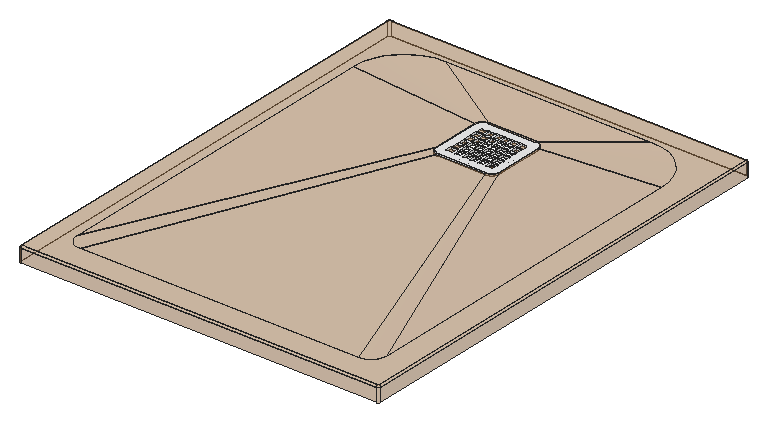
Revit family "IS_UltraFlatS_K8190_BIM_DE", category Plumbing Fixtures, host Face, Revit 2015
Parameters (values of type "K8190FR - ULTRA FLAT S rectangular shower tray 900x700mm")
  WarrantyStartDate = "n/a"
  WarrantyGuarantorParts = "n/a"
  WarrantyGuarantorLabor = "n/a"
  WarrantyDurationUnit = "year"
  WarrantyDurationParts = "n/a"
  WarrantyDurationLabor = "n/a"
  WarrantyDescription = "n/a"
  WFU = 0
  VolumeUnits = "Litres"
  Version = "1"
  Uniclass2015Version = ""
  Uniclass2015Title = ""
  Uniclass2015Code = ""
  URL = "www.idealstandard.com"
  Type Comments = "n/a"
  TagNumber = "n/a"
  SustainabilityPerformance = "n/a"
  SpareParts = "www.idealstandard.de/ersatzteile"
  Space = "Internal"
  Size = "900x700x30"
  Shape = "Rectangular"
  SerialNumber = "n/a"
  ReplacementCost = "n/a"
  ProductInformation = "www.idealstandard.de/produkte"
  PredefinedType = "n/a"
  Phone = "+49228 5210"
  NominalWidth = 700 mm
  NominalLength = 900 mm
  NominalHeight = 30 mm
  NominalDepth = 0 mm
  NettWeight = "22,7 kg"
  Name = "ULTRA FLAT S rectangular shower tray 900x700mm"
  ModelReference = "n/a"
  ModelNumber = "K8190FR"
  Model = "K8190FR"
  Material = "Composite Material"
  ManufacturerURL = "www.idealstandard.com"
  Manufacturer = "idealstandard.de@idealstandard.com"
  Keynote = "n/a"
  IfcExportType = "SHOWER"
  IfcExportAs = "IfcSanitaryTerminalType"
  HasTray = no
  HWFU = 0
  DrainSize = 90 mm
  Description = "ULTRA FLAT S rectangular shower tray 900x700mm"
  Default Elevation = 0 mm
  Cost = 0
  CWFU = 0
  BIMObjectName = "n/a"
  Author = "Ideal Standard GmbH"
  Assembly Code = "C1030200"
Types (5, lengths in mm): name | ModelNumber | Model
  K8190FR - ULTRA FLAT S rectangular shower tray 900x700mm | "K8190FR" | "K8190FR"
  K8190FS - ULTRA FLAT S rectangular shower tray 900x700mm | "K8190FS" | "K8190FS"
  K8190FV - ULTRA FLAT S rectangular shower tray 900x700mm | "K8190FV" | "K8190FV"
  K8190FT - ULTRA FLAT S rectangular shower tray 900x700mm | "K8190FT" | "K8190FT"
  K8190FU - ULTRA FLAT S rectangular shower tray 900x700mm | "K8190FU" | "K8190FU"
Reference planes
  plane 1 "Center (Front/Back)": y = 0
  plane 2: z = 0
  plane 3 "Center (Left/Right)": x = 0
  plane 4: x = -350
  plane 5: y = -900
  plane 6: y = -850
  plane 7: x = 350
  plane 8: z = 30
Forms (mm)
  Extrusion 1, solid, material "ISI_IdealStandard_ShowerTray_Sand_Render"
    sketch origin (0, 0, 0) x (1, 0, 0) y (0, 1, 0)
      loop
        arc (-345, 0) -> (-348.536, -1.464) -> (-350, -5) r 5
        line (-350, -5) -> (-350, -895)
        arc (-350, -895) -> (-348.536, -898.536) -> (-345, -900) r 5
        line (-345, -900) -> (345, -900)
        arc (345, -900) -> (348.536, -898.536) -> (350, -895) r 5
        line (350, -895) -> (350, -5)
        arc (350, -5) -> (348.536, -1.464) -> (345, 0) r 5
        line (345, 0) -> (-345, 0)
    from 0 to 30
  Blend 2, void
    base sketch origin (0, 39.744, 30) x (-1, 0, 0) y (0, -1, 0)
      loop
        arc (200, 89.744) -> (270.711, 119.033) -> (300, 189.744) r 100
        line (300, 189.744) -> (300, 859.744)
        arc (300, 859.744) -> (291.213, 880.957) -> (270, 889.744) r 30
        line (270, 889.744) -> (-270, 889.744)
        arc (-270, 889.744) -> (-291.213, 880.957) -> (-300, 859.744) r 30
        line (-300, 859.744) -> (-300, 189.744)
        arc (-300, 189.744) -> (-270.711, 119.033) -> (-200, 89.744) r 100
        line (-200, 89.744) -> (200, 89.744)
    top sketch origin (0, 39.744, 30) x (-1, 0, 0) y (0, -1, 0)
      loop
        arc (47.5, 177.244) -> (58.107, 181.637) -> (62.5, 192.244) r 15
        line (62.5, 192.244) -> (62.5, 287.244)
        arc (62.5, 287.244) -> (58.107, 297.85) -> (47.5, 302.244) r 15
        line (47.5, 302.244) -> (-47.5, 302.244)
        arc (-47.5, 302.244) -> (-58.107, 297.85) -> (-62.5, 287.244) r 15
        line (-62.5, 287.244) -> (-62.5, 192.244)
        arc (-62.5, 192.244) -> (-58.107, 181.637) -> (-47.5, 177.244) r 15
        line (-47.5, 177.244) -> (47.5, 177.244)
    from 0 to -15
  Revolve 3, void
    sketch origin (-65.411, -200, 1219.2) x (-1, 0, 0) y (0, 0, 1)
      loop
        line (-65.411, -1219.2) -> (-20.411, -1219.2) -> (-20.411, -1214.2) -> (-13.411, -1207.2) -> (-65.411, -1207.2) -> (-65.411, -1219.2)
      axis (-65.411, -1219.2) -> (-65.411, -1207.2)
    angle from 0 to 360
  Extrusion 4, void
    sketch origin (0, -134.515, 12) x (-1, 0, 0) y (0, 1, 0)
      loop
        arc (-47.5, -2.985) -> (-58.107, -7.379) -> (-62.5, -17.985) r 15
        line (-62.5, -17.985) -> (-62.5, -112.985)
        arc (-62.5, -112.985) -> (-58.107, -123.592) -> (-47.5, -127.985) r 15
        line (-47.5, -127.985) -> (47.5, -127.985)
        arc (47.5, -127.985) -> (58.107, -123.592) -> (62.5, -112.985) r 15
        line (62.5, -112.985) -> (62.5, -17.985)
        arc (62.5, -17.985) -> (58.107, -7.379) -> (47.5, -2.985) r 15
        line (47.5, -2.985) -> (-47.5, -2.985)
    from 0 to -3
  Extrusion 5, solid, material "Chrome - Polished"
    sketch origin (0, -134.515, 12) x (0, 1, 0) y (-1, 0, 0)
      loop
        arc (-4.985, 46.539) -> (-9.074, 56.411) -> (-18.946, 60.5) r 13.961
        line (-18.946, 60.5) -> (-111.985, 60.5)
        arc (-111.985, 60.5) -> (-121.885, 56.399) -> (-125.985, 46.5) r 14
        line (-125.985, 46.5) -> (-125.985, -46.5)
        arc (-125.985, -46.5) -> (-121.885, -56.399) -> (-111.985, -60.5) r 14
        line (-111.985, -60.5) -> (-18.985, -60.5)
        arc (-18.985, -60.5) -> (-9.086, -56.399) -> (-4.985, -46.5) r 14
        line (-4.985, -46.5) -> (-4.985, 46.539)
      loop
        line (-64.007, 45) -> (-64.007, 32) -> (-52.007, 32) -> (-52.007, 45) -> (-64.007, 45)
      loop
        line (-49.007, 45) -> (-49.007, 32) -> (-37.007, 32) -> (-37.007, 45) -> (-49.007, 45)
      loop
        line (-34.007, 45) -> (-34.007, 32) -> (-22.007, 32) -> (-22.007, 45) -> (-34.007, 45)
      loop
        line (-34.007, 29) -> (-34.007, 16) -> (-22.007, 16) -> (-22.007, 29) -> (-34.007, 29)
      loop
        line (-34.007, 13) -> (-34.007, 1.526) -> (-22.007, 1.526) -> (-22.007, 13) -> (-34.007, 13)
      loop
        line (-37.007, 29) -> (-49.007, 29) -> (-49.007, 16) -> (-37.007, 16) -> (-37.007, 29)
      loop
        line (-37.007, 13) -> (-49.007, 13) -> (-49.007, 1.526) -> (-37.007, 1.526) -> (-37.007, 13)
      loop
        line (-52.007, 29) -> (-64.007, 29) -> (-64.007, 16) -> (-52.007, 16) -> (-52.007, 29)
      loop
        line (-52.007, 13) -> (-64.007, 13) -> (-64.007, 1.526) -> (-52.007, 1.526) -> (-52.007, 13)
      loop
        line (-64.007, -45) -> (-52.007, -45) -> (-52.007, -32) -> (-64.007, -32) -> (-64.007, -45)
      loop
        line (-49.007, -45) -> (-37.007, -45) -> (-37.007, -32) -> (-49.007, -32) -> (-49.007, -45)
      loop
        line (-34.007, -45) -> (-22.007, -45) -> (-22.007, -32) -> (-34.007, -32) -> (-34.007, -45)
      loop
        line (-34.007, -29) -> (-22.007, -29) -> (-22.007, -16) -> (-34.007, -16) -> (-34.007, -29)
      loop
        line (-34.007, -13) -> (-22.007, -13) -> (-22.007, -1.526) -> (-34.007, -1.526) -> (-34.007, -13)
      loop
        line (-37.007, -29) -> (-37.007, -16) -> (-49.007, -16) -> (-49.007, -29) -> (-37.007, -29)
      loop
        line (-37.007, -13) -> (-37.007, -1.526) -> (-49.007, -1.526) -> (-49.007, -13) -> (-37.007, -13)
      loop
        line (-52.007, -29) -> (-52.007, -16) -> (-64.007, -16) -> (-64.007, -29) -> (-52.007, -29)
      loop
        line (-52.007, -13) -> (-52.007, -1.526) -> (-64.007, -1.526) -> (-64.007, -13) -> (-52.007, -13)
      loop
        line (-66.963, 45) -> (-78.963, 45) -> (-78.963, 32) -> (-66.963, 32) -> (-66.963, 45)
      loop
        line (-81.963, 45) -> (-93.963, 45) -> (-93.963, 32) -> (-81.963, 32) -> (-81.963, 45)
      loop
        line (-96.963, 45) -> (-108.963, 45) -> (-108.963, 32) -> (-96.963, 32) -> (-96.963, 45)
      loop
        line (-96.963, 29) -> (-108.963, 29) -> (-108.963, 16) -> (-96.963, 16) -> (-96.963, 29)
      loop
        line (-96.963, 13) -> (-108.963, 13) -> (-108.963, 1.526) -> (-96.963, 1.526) -> (-96.963, 13)
      loop
        line (-93.963, 29) -> (-93.963, 16) -> (-81.963, 16) -> (-81.963, 29) -> (-93.963, 29)
      loop
        line (-93.963, 13) -> (-93.963, 1.526) -> (-81.963, 1.526) -> (-81.963, 13) -> (-93.963, 13)
      loop
        line (-78.963, 29) -> (-78.963, 16) -> (-66.963, 16) -> (-66.963, 29) -> (-78.963, 29)
      loop
        line (-78.963, 13) -> (-78.963, 1.526) -> (-66.963, 1.526) -> (-66.963, 13) -> (-78.963, 13)
      loop
        line (-66.963, -45) -> (-66.963, -32) -> (-78.963, -32) -> (-78.963, -45) -> (-66.963, -45)
      loop
        line (-81.963, -45) -> (-81.963, -32) -> (-93.963, -32) -> (-93.963, -45) -> (-81.963, -45)
      loop
        line (-96.963, -45) -> (-96.963, -32) -> (-108.963, -32) -> (-108.963, -45) -> (-96.963, -45)
      loop
        line (-96.963, -29) -> (-96.963, -16) -> (-108.963, -16) -> (-108.963, -29) -> (-96.963, -29)
      loop
        line (-96.963, -13) -> (-96.963, -1.526) -> (-108.963, -1.526) -> (-108.963, -13) -> (-96.963, -13)
      loop
        line (-93.963, -29) -> (-81.963, -29) -> (-81.963, -16) -> (-93.963, -16) -> (-93.963, -29)
      loop
        line (-93.963, -13) -> (-81.963, -13) -> (-81.963, -1.526) -> (-93.963, -1.526) -> (-93.963, -13)
      loop
        line (-78.963, -29) -> (-66.963, -29) -> (-66.963, -16) -> (-78.963, -16) -> (-78.963, -29)
      loop
        line (-78.963, -13) -> (-66.963, -13) -> (-66.963, -1.526) -> (-78.963, -1.526) -> (-78.963, -13)
    from 0 to 3
  Sweep 6, void
    path in 3D
      loop
        arc (345, -900, 30) -> (348.536, -898.536, 30) -> (350, -895, 30) r 5
        line (350, -895, 30) -> (350, -5, 30)
        arc (350, -5, 30) -> (348.536, -1.464, 30) -> (345, 0, 30) r 5
        line (345, 0, 30) -> (-345, 0, 30)
        arc (-345, 0, 30) -> (-348.536, -1.464, 30) -> (-350, -5, 30) r 5
        line (-350, -5, 30) -> (-350, -895, 30)
        arc (-350, -895, 30) -> (-348.536, -898.536, 30) -> (-345, -900, 30) r 5
        line (-345, -900, 30) -> (345, -900, 30)
    profile origin (0, -900, 30) x (0, 1, 0) y (0, 0, 1)
      loop
        line (0, 0) -> (0, -3)
        arc (0, -3) -> (0.879, -0.879) -> (3, 0) r 3
        line (3, 0) -> (0, 0)
Cuts and joins
  Blend 2, Revolve 3, Extrusion 4, Sweep 6 cuts Extrusion 1
  Blend 2 cuts Extrusion 5
Lines and regions (mm)
  sketch lines
    curve 1: line (-345, -900, 30) -> (345, -900, 30)
    curve 2: arc (350, -895, 30) -> (348.536, -898.536, 30) -> (345, -900, 30) r 5
    curve 3: line (350, -895, 30) -> (350, -5, 30)
    curve 4: arc (345, 0, 30) -> (348.536, -1.464, 30) -> (350, -5, 30) r 5
    curve 5: line (345, 0, 30) -> (-345, 0, 30)
    curve 6: arc (-350, -5, 30) -> (-348.536, -1.464, 30) -> (-345, 0, 30) r 5
    curve 7: line (-350, -5, 30) -> (-350, -895, 30)
    curve 8: arc (-345, -900, 30) -> (-348.536, -898.536, 30) -> (-350, -895, 30) r 5
Dimensions and locks
  plane 4 to plane 7 = 700 mm
  plane 5 to plane 1 "Center (Front/Back)" = 900 mm
  level to plane 8 = 30 mm
  aligned and locked: plane 2 to host face
  aligned and locked: level to host face
Connectors
  piping at (0, -200, 0), diameter 90
    settings: on cut or joined group of Extrusion 1, Blend 2, Revolve 3, Extrusion 4, Sweep 6, index 1, connector inside diameter 609.6 mm, connector length 0 mm, flow factor 0, pipe flow 0.0 L/s, pressure drop 0.0 Pa, fitting loss kfactor 0, connector angle 0.00°, fixture units 0, engagement length 0 mm, angle of deflection 0.00°, flow configuration 2, flow direction 2, fitting loss method 0, system type 16, joint type 0, gender type 0, connector reference index -1, connector utility 0, adjustable connector no, is connector primary yes, connector description ""
